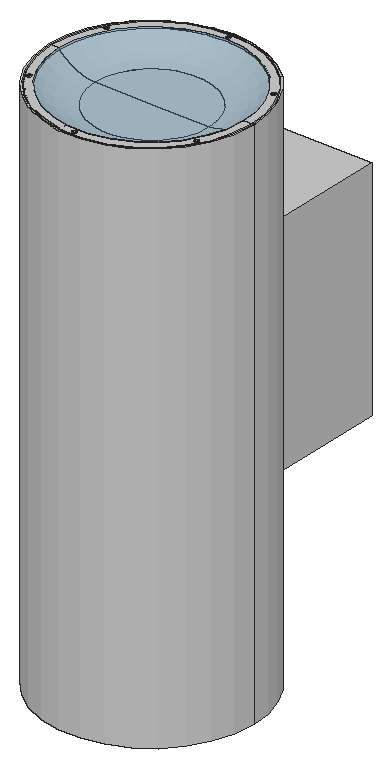
Revit family "WALL DOUBLE TUBE 03_AM36W.1.10", category Luminarias, Revit 2019
Family settings
  Cota de conector redondo = Diámetro de uso
  Tipo de pieza = Normal
  Se basa en plano de trabajo = Sí
  Siempre vertical = No
  Corte con vacíos al cargar = No
  Origen de luz = Sí
  Compartido = No
  Punto de cálculo de habitación = No
Parameters (values of type "WALL DOUBLE TUBE 03_AM36W.1.10")
  Ángulo de inclinación = 60.00°
  Zone [instance] = ""
  Watt per fixture = 40.5
  Wattage = 40.5 W
  built-in parameter 1150107 = 3000 (stored number, unit not read)
  built-in parameter 1150110 = 1 (stored number, unit not read)
  built-in parameter 1150109 = 1 (stored number, unit not read)
  built-in parameter 1150112 = 1 (stored number, unit not read)
  built-in parameter 1150113 = 1 (stored number, unit not read)
  built-in parameter 1114218 = 1 (stored number, unit not read)
  Keynote = ""
  built-in parameter 1150137 = (empty or 0)
  built-in parameter 1150132 = (empty or 0)
  Modelo = "AM36W.1.10"
  Lámpara = "NICHIA"
  built-in parameter 1150105 = 257.35 (stored number, unit not read)
  built-in parameter 1150102 = (empty or 0)
  built-in parameter 1150106 = 2.5735 (stored number, unit not read)
  Lumens = 3233.93 lm
  Color Filter = 16777215
  built-in parameter 1114217 = 1 (stored number, unit not read)
  built-in parameter 1150139 = (empty or 0)
  Fabricante = "BRILLANT"
  Default Elevation = 0 mm
  built-in parameter 1150104 = 7.4183 (stored number, unit not read)
  Descripción = "LUMINARIA DIRIGIBLE EN FORMA TUBULAR TIPO ARBOTANTE DOBLE DE HAZ (UP & DOWN), DE MATERIAL EN ALEACION DE ALUMINIO EXTRUIDO CON UN PESO DE 4.1KG, CON 2 LED TIPO NICHIA CON UNA POTENCIA TOTAL DE 40.5W, 2X1617 LUMENES, TEMPERATURA EN BLANCO CALIDO 3000K, IRC 80, IP 65, IK10, APERTURA DE  10 GRADOS POR PROYECTO, CORRIENTE DE OPERACIÓN 340mA, CABLE DE 0.3M, ALIMENTADO A 100-277VAC"
  built-in parameter 1150115 = 1 (stored number, unit not read)
  built-in parameter 1150114 = 1 (stored number, unit not read)
  Comentarios de vataje = "100-277V"
  built-in parameter 1150138 = (empty or 0)
  built-in parameter 1150134 = (empty or 0)
  Circuit [instance] = ""
  Dimming Lamp Color Temperature Shift = (empty or 0)
  Archivo de red fotométrica = "AM36W.1_10º.IES"
  built-in parameter 1150133 = 10 (stored number, unit not read)
Reference planes
  plane 1 "Centro (Frontal/Posterior)": y = 0
  plane 2: z = 0
  plane 3 "Centro (Izquierda/Derecha)": x = 0
Forms (mm)
  Revolve 1, solid, material "Cristal", not visible
    sketch origin (-152, 0, 0) x (0, 1, 0) y (0, 0, -1)
      loop
        line (0, -8.749) -> (0, -7.25) -> (-1.499, -7.25)
        arc (-1.499, -7.25) -> (-1.06, -8.31) -> (0, -8.749) r 1.499
      axis (0, -7.25) -> (-1.499, -7.25)
    angle from 0 to 360
  Revolve 2, solid, material "Cristal", not visible
    sketch origin (-136, 0, 0) x (0, 1, 0) y (0, 0, -1)
      loop
        line (0, -8.749) -> (0, -7.25) -> (-1.499, -7.25)
        arc (-1.499, -7.25) -> (-1.06, -8.31) -> (0, -8.749) r 1.499
      axis (0, -7.25) -> (-1.499, -7.25)
    angle from 0 to 360
  Revolve 3, solid, material "Cristal", not visible
    sketch origin (-120, 0, 0) x (0, 1, 0) y (0, 0, -1)
      loop
        line (0, -8.749) -> (0, -7.25) -> (-1.499, -7.25)
        arc (-1.499, -7.25) -> (-1.06, -8.31) -> (0, -8.749) r 1.499
      axis (0, -7.25) -> (-1.499, -7.25)
    angle from 0 to 360
  Revolve 4, solid, material "Cristal", not visible
    sketch origin (-104, 0, 0) x (0, 1, 0) y (0, 0, -1)
      loop
        line (0, -8.749) -> (0, -7.25) -> (-1.499, -7.25)
        arc (-1.499, -7.25) -> (-1.06, -8.31) -> (0, -8.749) r 1.499
      axis (0, -7.25) -> (-1.499, -7.25)
    angle from 0 to 360
  Revolve 5, solid, material "Cristal", not visible
    sketch origin (-88, 0, 0) x (0, 1, 0) y (0, 0, -1)
      loop
        line (0, -8.749) -> (0, -7.25) -> (-1.499, -7.25)
        arc (-1.499, -7.25) -> (-1.06, -8.31) -> (0, -8.749) r 1.499
      axis (0, -7.25) -> (-1.499, -7.25)
    angle from 0 to 360
  Revolve 6, solid, material "Cristal", not visible
    sketch origin (-72, 0, 0) x (0, 1, 0) y (0, 0, -1)
      loop
        line (0, -8.749) -> (0, -7.25) -> (-1.499, -7.25)
        arc (-1.499, -7.25) -> (-1.06, -8.31) -> (0, -8.749) r 1.499
      axis (0, -7.25) -> (-1.499, -7.25)
    angle from 0 to 360
  Revolve 7, solid, material "Cristal", not visible
    sketch origin (-56, 0, 0) x (0, 1, 0) y (0, 0, -1)
      loop
        line (0, -8.749) -> (0, -7.25) -> (-1.499, -7.25)
        arc (-1.499, -7.25) -> (-1.06, -8.31) -> (0, -8.749) r 1.499
      axis (0, -7.25) -> (-1.499, -7.25)
    angle from 0 to 360
  Revolve 8, solid, material "Cristal", not visible
    sketch origin (-40, 0, 0) x (0, 1, 0) y (0, 0, -1)
      loop
        line (0, -8.749) -> (0, -7.25) -> (-1.499, -7.25)
        arc (-1.499, -7.25) -> (-1.06, -8.31) -> (0, -8.749) r 1.499
      axis (0, -7.25) -> (-1.499, -7.25)
    angle from 0 to 360
  Revolve 9, solid, material "Cristal", not visible
    sketch origin (-24, 0, 0) x (0, 1, 0) y (0, 0, -1)
      loop
        line (0, -8.749) -> (0, -7.25) -> (-1.499, -7.25)
        arc (-1.499, -7.25) -> (-1.06, -8.31) -> (0, -8.749) r 1.499
      axis (0, -7.25) -> (-1.499, -7.25)
    angle from 0 to 360
  Revolve 10, solid, material "Cristal", not visible
    sketch origin (-8, 0, 0) x (0, 1, 0) y (0, 0, -1)
      loop
        line (0, -8.749) -> (0, -7.25) -> (-1.499, -7.25)
        arc (-1.499, -7.25) -> (-1.06, -8.31) -> (0, -8.749) r 1.499
      axis (0, -7.25) -> (-1.499, -7.25)
    angle from 0 to 360
  Revolve 11, solid, material "Cristal", not visible
    sketch origin (8, 0, 0) x (0, 1, 0) y (0, 0, -1)
      loop
        line (0, -8.749) -> (0, -7.25) -> (-1.499, -7.25)
        arc (-1.499, -7.25) -> (-1.06, -8.31) -> (0, -8.749) r 1.499
      axis (0, -7.25) -> (-1.499, -7.25)
    angle from 0 to 360
  Revolve 12, solid, material "Cristal", not visible
    sketch origin (24, 0, 0) x (0, 1, 0) y (0, 0, -1)
      loop
        line (0, -8.749) -> (0, -7.25) -> (-1.499, -7.25)
        arc (-1.499, -7.25) -> (-1.06, -8.31) -> (0, -8.749) r 1.499
      axis (0, -7.25) -> (-1.499, -7.25)
    angle from 0 to 360
  Revolve 13, solid, material "Cristal", not visible
    sketch origin (40, 0, 0) x (0, 1, 0) y (0, 0, -1)
      loop
        line (0, -8.749) -> (0, -7.25) -> (-1.499, -7.25)
        arc (-1.499, -7.25) -> (-1.06, -8.31) -> (0, -8.749) r 1.499
      axis (0, -7.25) -> (-1.499, -7.25)
    angle from 0 to 360
  Revolve 14, solid, material "Cristal", not visible
    sketch origin (56, 0, 0) x (0, 1, 0) y (0, 0, -1)
      loop
        line (0, -8.749) -> (0, -7.25) -> (-1.499, -7.25)
        arc (-1.499, -7.25) -> (-1.06, -8.31) -> (0, -8.749) r 1.499
      axis (0, -7.25) -> (-1.499, -7.25)
    angle from 0 to 360
  Revolve 15, solid, material "Cristal", not visible
    sketch origin (72, 0, 0) x (0, 1, 0) y (0, 0, -1)
      loop
        line (0, -8.749) -> (0, -7.25) -> (-1.499, -7.25)
        arc (-1.499, -7.25) -> (-1.06, -8.31) -> (0, -8.749) r 1.499
      axis (0, -7.25) -> (-1.499, -7.25)
    angle from 0 to 360
  Revolve 16, solid, material "Cristal", not visible
    sketch origin (88, 0, 0) x (0, 1, 0) y (0, 0, -1)
      loop
        line (0, -8.749) -> (0, -7.25) -> (-1.499, -7.25)
        arc (-1.499, -7.25) -> (-1.06, -8.31) -> (0, -8.749) r 1.499
      axis (0, -7.25) -> (-1.499, -7.25)
    angle from 0 to 360
  Revolve 17, solid, material "Cristal", not visible
    sketch origin (104, 0, 0) x (0, 1, 0) y (0, 0, -1)
      loop
        line (0, -8.749) -> (0, -7.25) -> (-1.499, -7.25)
        arc (-1.499, -7.25) -> (-1.06, -8.31) -> (0, -8.749) r 1.499
      axis (0, -7.25) -> (-1.499, -7.25)
    angle from 0 to 360
  Revolve 18, solid, material "Cristal", not visible
    sketch origin (120, 0, 0) x (0, 1, 0) y (0, 0, -1)
      loop
        line (0, -8.749) -> (0, -7.25) -> (-1.499, -7.25)
        arc (-1.499, -7.25) -> (-1.06, -8.31) -> (0, -8.749) r 1.499
      axis (0, -7.25) -> (-1.499, -7.25)
    angle from 0 to 360
  Revolve 19, solid, material "Cristal", not visible
    sketch origin (136, 0, 0) x (0, 1, 0) y (0, 0, -1)
      loop
        line (0, -8.749) -> (0, -7.25) -> (-1.499, -7.25)
        arc (-1.499, -7.25) -> (-1.06, -8.31) -> (0, -8.749) r 1.499
      axis (0, -7.25) -> (-1.499, -7.25)
    angle from 0 to 360
  Revolve 20, solid, material "Cristal", not visible
    sketch origin (152, 0, 0) x (0, 1, 0) y (0, 0, -1)
      loop
        line (0, -8.749) -> (0, -7.25) -> (-1.499, -7.25)
        arc (-1.499, -7.25) -> (-1.06, -8.31) -> (0, -8.749) r 1.499
      axis (0, -7.25) -> (-1.499, -7.25)
    angle from 0 to 360
  Revolve 21, solid, material "Acero Inoxidable"
    sketch origin (0, -117, 120.325) x (-1, 0, 0) y (0, 0, 1)
      loop
        line (0, 207.853) -> (-36.124, 207.853)
        arc (-36.124, 207.853) -> (-48.278, 211.101) -> (-58.59, 218.31) r 36.226
        line (-58.59, 218.31) -> (-58.59, 219.182) -> (-63.399, 219.182) -> (-63.399, 218.298) -> (-64.2, 218.298) -> (-64.2, 219.182) -> (-65, 219.182) -> (-65, -120.325) -> (-64.2, -120.325) -> (-64.2, -119.441) -> (-63.399, -119.441) -> (-63.399, -120.325) -> (-58.59, -120.325) -> (-58.59, -119.453)
        arc (-58.59, -119.453) -> (-48.278, -112.244) -> (-36.124, -108.997) r 36.226
        line (-36.124, -108.997) -> (0, -108.997) -> (0, 207.853)
      axis (0, 219.182) -> (0, -120.325)
    angle from 0 to 360
  Extrusion 22, solid, material "Cristal"
    sketch origin (0, -25.506, 0) x (1, 0, 0) y (0, 1, 0)
      loop
        circle (0, -91.494) r 58.59
    from 0 to 0.872
  Extrusion 23, solid, material "Acero Inoxidable"
    sketch origin (0, 0, 0) x (1, 0, 0) y (0, 1, 0)
      loop
        line (-45.5, 0) -> (-45.5, -70.581)
        arc (-45.5, -70.581) -> (0, -52) -> (45.5, -70.581) r 65
        line (45.5, -70.581) -> (45.5, 0) -> (-45.5, 0)
    from 116.238 to 259.531
  Extrusion 24, void
    sketch origin (0, -45, 0) x (1, 0, 0) y (0, 1, 0)
      loop
        circle (0, -11) r 1.283
      loop
        circle (52.828, -41.5) r 1.283
      loop
        circle (52.828, -102.5) r 1.283
      loop
        circle (0, -133) r 1.283
      loop
        circle (-52.828, -102.5) r 1.283
      loop
        circle (-52.828, -41.5) r 1.283
    from 0 to 1.671
  Extrusion 25, solid, material "Acero Inoxidable"
    sketch origin (0, -45, 0) x (1, 0, 0) y (0, 1, 0)
      loop
        circle (-0.023, -11.013) r 1.084
      loop
        line (-0.813, -11.013) -> (-0.418, -11.698) -> (0.372, -11.698) -> (0.767, -11.013) -> (0.372, -10.329) -> (-0.418, -10.329) -> (-0.813, -11.013)
      loop
        circle (52.828, -41.5) r 1.084
      loop
        line (52.037, -41.5) -> (52.432, -42.184) -> (53.223, -42.184) -> (53.618, -41.5) -> (53.223, -40.816) -> (52.432, -40.816) -> (52.037, -41.5)
      loop
        circle (52.828, -102.5) r 1.084
      loop
        line (52.037, -102.5) -> (52.432, -103.184) -> (53.223, -103.184) -> (53.618, -102.5) -> (53.223, -101.816) -> (52.432, -101.816) -> (52.037, -102.5)
      loop
        circle (0, -133) r 1.084
      loop
        line (-0.79, -133) -> (-0.395, -133.684) -> (0.395, -133.684) -> (0.79, -133) -> (0.395, -132.316) -> (-0.395, -132.316) -> (-0.79, -133)
      loop
        circle (-52.828, -102.5) r 1.084
      loop
        line (-53.618, -102.5) -> (-53.223, -103.184) -> (-52.432, -103.184) -> (-52.037, -102.5) -> (-52.432, -101.816) -> (-53.223, -101.816) -> (-53.618, -102.5)
      loop
        circle (-52.828, -41.5) r 1.084
      loop
        line (-53.618, -41.5) -> (-53.223, -42.184) -> (-52.432, -42.184) -> (-52.037, -41.5) -> (-52.432, -40.816) -> (-53.223, -40.816) -> (-53.618, -41.5)
    from 0 to 1.671
  Extrusion 26, void
    sketch origin (0, -13.75, 0) x (1, 0, 0) y (0, 1, 0)
      loop
        circle (-20.22, -13.334) r 3.469
      loop
        circle (20.22, -13.334) r 3.469
    from 116.238 to 121.734
  Extrusion 27, solid, material "Aluminio"
    sketch origin (0, -13.75, 0) x (1, 0, 0) y (0, 1, 0)
      loop
        circle (-20.22, -13.334) r 3.271
      loop
        line (-22.643, -12.929) -> (-22.643, -13.738) -> (-20.62, -13.738) -> (-20.62, -15.757) -> (-19.82, -15.757) -> (-19.82, -13.738) -> (-17.797, -13.738) -> (-17.797, -12.929) -> (-19.82, -12.929) -> (-19.82, -10.911) -> (-20.62, -10.911) -> (-20.62, -12.929) -> (-22.643, -12.929)
      loop
        circle (20.22, -13.334) r 3.271
      loop
        line (22.643, -12.929) -> (20.62, -12.929) -> (20.62, -10.911) -> (19.82, -10.911) -> (19.82, -12.929) -> (17.797, -12.929) -> (17.797, -13.738) -> (19.82, -13.738) -> (19.82, -15.757) -> (20.62, -15.757) -> (20.62, -13.738) -> (22.643, -13.738) -> (22.643, -12.929)
    from 116.238 to 121.734
  Extrusion 28, void
    sketch origin (0, -45, 337.836) x (0, -1, 0) y (1, 0, 0)
      loop
        circle (11, 0) r 1.283
      loop
        circle (41.5, 52.828) r 1.283
      loop
        circle (102.5, 52.828) r 1.283
      loop
        circle (133, 0) r 1.283
      loop
        circle (102.5, -52.828) r 1.283
      loop
        circle (41.5, -52.828) r 1.283
    from 0 to 1.671
  Extrusion 29, solid, material "Acero Inoxidable"
    sketch origin (0, -45, 337.836) x (0, -1, 0) y (1, 0, 0)
      loop
        circle (11.013, -0.023) r 1.084
      loop
        line (11.013, -0.813) -> (11.698, -0.418) -> (11.698, 0.372) -> (11.013, 0.767) -> (10.329, 0.372) -> (10.329, -0.418) -> (11.013, -0.813)
      loop
        circle (41.5, 52.828) r 1.084
      loop
        line (41.5, 52.037) -> (42.184, 52.432) -> (42.184, 53.223) -> (41.5, 53.618) -> (40.816, 53.223) -> (40.816, 52.432) -> (41.5, 52.037)
      loop
        circle (102.5, 52.828) r 1.084
      loop
        line (102.5, 52.037) -> (103.184, 52.432) -> (103.184, 53.223) -> (102.5, 53.618) -> (101.816, 53.223) -> (101.816, 52.432) -> (102.5, 52.037)
      loop
        circle (133, 0) r 1.084
      loop
        line (133, -0.79) -> (133.684, -0.395) -> (133.684, 0.395) -> (133, 0.79) -> (132.316, 0.395) -> (132.316, -0.395) -> (133, -0.79)
      loop
        circle (102.5, -52.828) r 1.084
      loop
        line (102.5, -53.618) -> (103.184, -53.223) -> (103.184, -52.432) -> (102.5, -52.037) -> (101.816, -52.432) -> (101.816, -53.223) -> (102.5, -53.618)
      loop
        circle (41.5, -52.828) r 1.084
      loop
        line (41.5, -53.618) -> (42.184, -53.223) -> (42.184, -52.432) -> (41.5, -52.037) -> (40.816, -52.432) -> (40.816, -53.223) -> (41.5, -53.618)
    from 0 to 1.671
  Extrusion 30, solid, material "Cristal"
    sketch origin (0, -25.506, 338.635) x (0, -1, 0) y (1, 0, 0)
      loop
        circle (91.494, 0) r 58.59
    from 0 to 0.872
Cuts and joins
  Extrusion 24, Extrusion 28 cuts Revolve 21
  Extrusion 26 cuts Extrusion 23
  Extrusion 28 cuts Extrusion 25
Lines and regions (mm)
  model lines
    curve 1: line (-1.283, -43.146, 0) -> (1.283, -43.146, 0)
    curve 2: line (0, -182, 0) -> (130, -182, 0)
Dimensions and locks
  equal spacing: Extrusion 23 sketch curve, plane 3 "Centro (Izquierda/Derecha)", Extrusion 23 sketch curve
  Extrusion 23 sketch curve to plane 3 "Centro (Izquierda/Derecha)" = 45.5 mm
  Extrusion 23 sketch curve to Extrusion 23 sketch curve = 91 mm
  Extrusion 23 to Extrusion 23 = 91 mm
  Extrusion 23 to Extrusion 23 = 143.293 mm
  cut or joined group of Revolve 21, Extrusion 24, Extrusion 28 to cut or joined group of Revolve 21, Extrusion 24, Extrusion 28 = 339.507 mm
  aligned and locked: level to plane 2
  aligned and locked: Extrusion 22 to level
  aligned and locked: Extrusion 26 to Extrusion 27
  aligned and locked: Extrusion 23 to Extrusion 26
  aligned and locked: cut or joined group of Extrusion 23, Extrusion 26 to Extrusion 27
Connectors
  electrical at (0, 0, 187.885)
    settings: on cut or joined group of Extrusion 23, Extrusion 26, index 1, voltage 277 V, apparent load 0 VA, apparent load phase1 0 VA, apparent load phase2 0 VA, apparent load phase3 0 VA, power factor 1, load classification "Otro", number of poles 1, system type 31, power factor state 1, is connector primary yes, connector utility no, sub classification motor no, connector description ""
